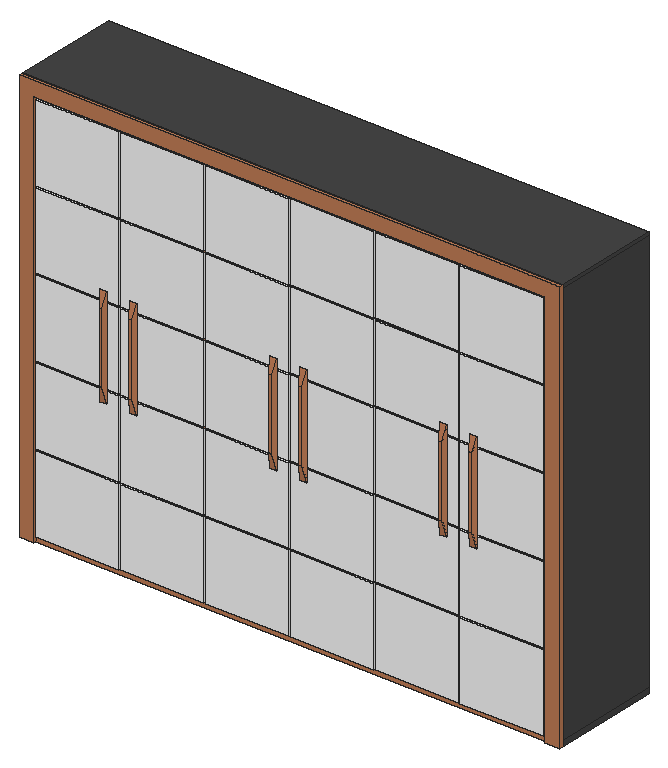
Revit family
Parameters (values of type "59A_안방_옷장")
  Manufacturer = "BF MART"
  Model = "Rapael"
  upper face material = 몸통
  side material = 몸통
  knob material = cherry length weak
  frame material = cherry length weak
  face material = white shine
  back face material = cherry length weak
  Width = 3000 mm
  Height = 2300 mm
  Depth = 620 mm
  Assembly Code = ""
Reference planes
  plane 1 "중심(앞/뒤)": y = 0
  plane 2: z = 0
  plane 3 "중심(왼쪽/오른쪽)": x = 0
  plane 4: y = 310
  plane 5: y = -310
  plane 6: x = -1500
  plane 7: x = 1500
  plane 8: z = 2300
  plane 9: x = -1420
  plane 10: x = 1420
  plane 11: z = 2220
  plane 12: z = 30
  plane 13: z = 2210
  plane 14: z = 25
  plane 15: x = -1410
  plane 16: x = 1410
  plane 17: x = -943.333
  plane 18: x = -471.667
  plane 19: x = 943.333
  plane 20: x = 471.667
  plane 21: x = -1415
  plane 22: x = 1415
  plane 23: x = -947.663
  plane 24: x = -939.003
  plane 25: x = -475.997
  plane 26: x = -467.337
  plane 27: x = -4.33
  plane 28: x = 4.33
  plane 29: x = 467.337
  plane 30: x = 475.997
  plane 31: x = 939.003
  plane 32: x = 947.663
  plane 33: z = 2215
  plane 34: z = 463
  plane 35: z = 901
  plane 36: z = 1339
  plane 37: z = 1777
  plane 38: y = 300
  plane 39: y = 292
  plane 40: y = -300
  plane 41: y = -290
  plane 42: z = 2280
  plane 43: x = -1480
  plane 44: x = 1480
  plane 45: z = 1782
  plane 46: z = 1772
  plane 47: z = 1344
  plane 48: z = 1334
  plane 49: z = 906
  plane 50: z = 896
  plane 51: z = 468
  plane 52: z = 458
  plane 53: y = -339.69
  plane 54: y = -320
Forms (mm)
  Extrusion 1, solid, material "cherry length weak" <- "frame material"
    sketch origin (0, 0, 0) x (1, 0, 0) y (0, 0, 1)
      loop
        line (-1500, 0) -> (-1420, 0) -> (-1420, 2220) -> (1420, 2220) -> (1420, 0) -> (1500, 0) -> (1500, 2300) -> (-1500, 2300) -> (-1500, 0)
    from 290 to 310
  Extrusion 2, solid, material "cherry length weak" <- "back face material"
    sketch origin (0, 0, 0) x (1, 0, 0) y (0, 0, 1)
      loop
        line (-1420, 2220) -> (-1420, 0) -> (1420, 0) -> (1420, 2220) -> (-1420, 2220)
    from 290 to 300
  Extrusion 3, solid, material "몸통" <- "upper face material"
    sketch origin (0, 0, 0) x (1, 0, 0) y (0, 1, 0)
      loop
        line (-1500, 310) -> (-1500, -290) -> (1500, -290) -> (1500, 310) -> (-1500, 310)
    from 0 to 30
  Extrusion 4, solid, material "몸통" <- "upper face material"
    sketch origin (0, 0, 2198) x (0, -1, 0) y (1, 0, 0)
      loop
        line (-310, -1500) -> (290, -1500) -> (290, 1500) -> (-310, 1500) -> (-310, -1500)
    from 82 to 102
  Extrusion 5, solid, material "몸통" <- "side material"
    sketch origin (0, 0, 0) x (1, 0, 0) y (0, 1, 0)
      loop
        line (-1500, 310) -> (-1500, -290) -> (-1480, -290) -> (-1480, 310) -> (-1500, 310)
      loop
        line (1500, 310) -> (1480, 310) -> (1480, -290) -> (1500, -290) -> (1500, 310)
    from 30 to 2280
  Extrusion 6, solid, material "cherry length weak" <- "back face material"
    sketch origin (0, 0, 0) x (1, 0, 0) y (0, 1, 0)
      loop
        line (-1480, 300) -> (-1480, 292) -> (1480, 292) -> (1480, 300) -> (-1480, 300)
    from 30 to 2280
  Extrusion 7, solid, material "white shine" <- "face material"
    sketch origin (0, 0, 0) x (1, 0, 0) y (0, 0, 1)
      loop
        line (-1410, 2210) -> (-1410, 1782) -> (-947.663, 1782) -> (-947.663, 2210) -> (-1410, 2210)
    from 300 to 310
  Extrusion 8, solid, material "white shine" <- "face material"
    sketch origin (0, 0, 2914) x (1, 0, 0) y (0, 0, 1)
      loop
        line (-1410, -1570) -> (-947.663, -1570) -> (-947.663, -1142) -> (-1410, -1142) -> (-1410, -1570)
    from 300 to 310
  Extrusion 9, solid, material "white shine" <- "face material"
    sketch origin (0, 0, -716) x (1, 0, 0) y (0, 0, 1)
      loop
        line (-1410, 2050) -> (-1410, 1622) -> (-947.663, 1622) -> (-947.663, 2050) -> (-1410, 2050)
    from 300 to 310
  Extrusion 10, solid, material "white shine" <- "face material"
    sketch origin (0, 0, 2198) x (1, 0, 0) y (0, 0, 1)
      loop
        line (-1410, -1730) -> (-947.663, -1730) -> (-947.663, -1302) -> (-1410, -1302) -> (-1410, -1730)
    from 300 to 310
  Extrusion 11, solid, material "white shine" <- "face material"
    sketch origin (0, 0, -1432) x (1, 0, 0) y (0, 0, 1)
      loop
        line (-1410, 1890) -> (-1410, 1462) -> (-947.663, 1462) -> (-947.663, 1890) -> (-1410, 1890)
    from 300 to 310
  Extrusion 12, solid, material "white shine" <- "face material"
    sketch origin (-2000, 0, 0) x (-1, 0, 0) y (0, 0, -1)
      loop
        line (-1524.003, -2210) -> (-1060.997, -2210) -> (-1060.997, -1782) -> (-1524.003, -1782) -> (-1524.003, -2210)
    from 300 to 310
  Extrusion 13, solid, material "white shine" <- "face material"
    sketch origin (-2000, 0, 2914) x (-1, 0, 0) y (0, 0, -1)
      loop
        line (-1524.003, 1570) -> (-1524.003, 1142) -> (-1060.997, 1142) -> (-1060.997, 1570) -> (-1524.003, 1570)
    from 300 to 310
  Extrusion 14, solid, material "white shine" <- "face material"
    sketch origin (-2000, 0, -716) x (-1, 0, 0) y (0, 0, -1)
      loop
        line (-1524.003, -2050) -> (-1060.997, -2050) -> (-1060.997, -1622) -> (-1524.003, -1622) -> (-1524.003, -2050)
    from 300 to 310
  Extrusion 15, solid, material "white shine" <- "face material"
    sketch origin (-2000, 0, 2198) x (-1, 0, 0) y (0, 0, -1)
      loop
        line (-1524.003, 1730) -> (-1524.003, 1302) -> (-1060.997, 1302) -> (-1060.997, 1730) -> (-1524.003, 1730)
    from 300 to 310
  Extrusion 16, solid, material "white shine" <- "face material"
    sketch origin (-2000, 0, -1432) x (-1, 0, 0) y (0, 0, -1)
      loop
        line (-1524.003, -1890) -> (-1060.997, -1890) -> (-1060.997, -1462) -> (-1524.003, -1462) -> (-1524.003, -1890)
    from 300 to 310
  Extrusion 17, solid, material "white shine" <- "face material"
    sketch origin (1000, 0, 0) x (1, 0, 0) y (0, 0, 1)
      loop
        line (-1467.337, 2210) -> (-1467.337, 1782) -> (-1004.33, 1782) -> (-1004.33, 2210) -> (-1467.337, 2210)
    from 300 to 310
  Extrusion 18, solid, material "white shine" <- "face material"
    sketch origin (1000, 0, 2914) x (1, 0, 0) y (0, 0, 1)
      loop
        line (-1467.337, -1570) -> (-1004.33, -1570) -> (-1004.33, -1142) -> (-1467.337, -1142) -> (-1467.337, -1570)
    from 300 to 310
  Extrusion 19, solid, material "white shine" <- "face material"
    sketch origin (1000, 0, -716) x (1, 0, 0) y (0, 0, 1)
      loop
        line (-1467.337, 2050) -> (-1467.337, 1622) -> (-1004.33, 1622) -> (-1004.33, 2050) -> (-1467.337, 2050)
    from 300 to 310
  Extrusion 20, solid, material "white shine" <- "face material"
    sketch origin (1000, 0, 2198) x (1, 0, 0) y (0, 0, 1)
      loop
        line (-1467.337, -1730) -> (-1004.33, -1730) -> (-1004.33, -1302) -> (-1467.337, -1302) -> (-1467.337, -1730)
    from 300 to 310
  Extrusion 21, solid, material "white shine" <- "face material"
    sketch origin (1000, 0, -1432) x (1, 0, 0) y (0, 0, 1)
      loop
        line (-1467.337, 1890) -> (-1467.337, 1462) -> (-1004.33, 1462) -> (-1004.33, 1890) -> (-1467.337, 1890)
    from 300 to 310
  Extrusion 22, solid, material "white shine" <- "face material"
    sketch origin (-1000, 0, 0) x (-1, 0, 0) y (0, 0, -1)
      loop
        line (-1467.337, -2210) -> (-1004.33, -2210) -> (-1004.33, -1782) -> (-1467.337, -1782) -> (-1467.337, -2210)
    from 300 to 310
  Extrusion 23, solid, material "white shine" <- "face material"
    sketch origin (-1000, 0, 2914) x (-1, 0, 0) y (0, 0, -1)
      loop
        line (-1467.337, 1570) -> (-1467.337, 1142) -> (-1004.33, 1142) -> (-1004.33, 1570) -> (-1467.337, 1570)
    from 300 to 310
  Extrusion 24, solid, material "white shine" <- "face material"
    sketch origin (-1000, 0, -716) x (-1, 0, 0) y (0, 0, -1)
      loop
        line (-1467.337, -2050) -> (-1004.33, -2050) -> (-1004.33, -1622) -> (-1467.337, -1622) -> (-1467.337, -2050)
    from 300 to 310
  Extrusion 25, solid, material "white shine" <- "face material"
    sketch origin (-1000, 0, 2198) x (-1, 0, 0) y (0, 0, -1)
      loop
        line (-1467.337, 1730) -> (-1467.337, 1302) -> (-1004.33, 1302) -> (-1004.33, 1730) -> (-1467.337, 1730)
    from 300 to 310
  Extrusion 26, solid, material "white shine" <- "face material"
    sketch origin (-1000, 0, -1432) x (-1, 0, 0) y (0, 0, -1)
      loop
        line (-1467.337, -1890) -> (-1004.33, -1890) -> (-1004.33, -1462) -> (-1467.337, -1462) -> (-1467.337, -1890)
    from 300 to 310
  Extrusion 27, solid, material "white shine" <- "face material"
    sketch origin (2000, 0, 0) x (1, 0, 0) y (0, 0, 1)
      loop
        line (-1524.003, 2210) -> (-1524.003, 1782) -> (-1060.997, 1782) -> (-1060.997, 2210) -> (-1524.003, 2210)
    from 300 to 310
  Extrusion 28, solid, material "white shine" <- "face material"
    sketch origin (2000, 0, 2914) x (1, 0, 0) y (0, 0, 1)
      loop
        line (-1524.003, -1570) -> (-1060.997, -1570) -> (-1060.997, -1142) -> (-1524.003, -1142) -> (-1524.003, -1570)
    from 300 to 310
  Extrusion 29, solid, material "white shine" <- "face material"
    sketch origin (2000, 0, -716) x (1, 0, 0) y (0, 0, 1)
      loop
        line (-1524.003, 2050) -> (-1524.003, 1622) -> (-1060.997, 1622) -> (-1060.997, 2050) -> (-1524.003, 2050)
    from 300 to 310
  Extrusion 30, solid, material "white shine" <- "face material"
    sketch origin (2000, 0, 2198) x (1, 0, 0) y (0, 0, 1)
      loop
        line (-1524.003, -1730) -> (-1060.997, -1730) -> (-1060.997, -1302) -> (-1524.003, -1302) -> (-1524.003, -1730)
    from 300 to 310
  Extrusion 31, solid, material "white shine" <- "face material"
    sketch origin (2000, 0, -1432) x (1, 0, 0) y (0, 0, 1)
      loop
        line (-1524.003, 1890) -> (-1524.003, 1462) -> (-1060.997, 1462) -> (-1060.997, 1890) -> (-1524.003, 1890)
    from 300 to 310
  Extrusion 32, solid, material "white shine" <- "face material"
    sketch origin (0, 0, 0) x (-1, 0, 0) y (0, 0, -1)
      loop
        line (-1410, -2210) -> (-947.663, -2210) -> (-947.663, -1782) -> (-1410, -1782) -> (-1410, -2210)
    from 300 to 310
  Extrusion 33, solid, material "white shine" <- "face material"
    sketch origin (0, 0, 2914) x (-1, 0, 0) y (0, 0, -1)
      loop
        line (-1410, 1570) -> (-1410, 1142) -> (-947.663, 1142) -> (-947.663, 1570) -> (-1410, 1570)
    from 300 to 310
  Extrusion 34, solid, material "white shine" <- "face material"
    sketch origin (0, 0, -716) x (-1, 0, 0) y (0, 0, -1)
      loop
        line (-1410, -2050) -> (-947.663, -2050) -> (-947.663, -1622) -> (-1410, -1622) -> (-1410, -2050)
    from 300 to 310
  Extrusion 35, solid, material "white shine" <- "face material"
    sketch origin (0, 0, 2198) x (-1, 0, 0) y (0, 0, -1)
      loop
        line (-1410, 1730) -> (-1410, 1302) -> (-947.663, 1302) -> (-947.663, 1730) -> (-1410, 1730)
    from 300 to 310
  Extrusion 36, solid, material "white shine" <- "face material"
    sketch origin (0, 0, -1432) x (-1, 0, 0) y (0, 0, -1)
      loop
        line (-1410, -1890) -> (-947.663, -1890) -> (-947.663, -1462) -> (-1410, -1462) -> (-1410, -1890)
    from 300 to 310
  Blend 37, solid, material "cherry length weak" <- "knob material"
    base sketch origin (0, 0, 0) x (1, 0, 0) y (0, 0, 1)
      loop
        line (-1046.735, 1397.645) -> (-1046.735, 837.645) -> (-1006.735, 837.645) -> (-1006.735, 1397.645) -> (-1046.735, 1397.645)
    top sketch origin (0, 0, 0) x (1, 0, 0) y (0, 0, 1)
      loop
        line (-1033.594, 1318.891) -> (-1033.594, 923.891) -> (-1018.594, 923.891) -> (-1018.594, 1318.891) -> (-1033.594, 1318.891)
    from 320 to 339.69
  Extrusion 38, solid, material "cherry length weak" <- "knob material"
    sketch origin (0, 0, 0) x (1, 0, 0) y (0, 0, 1)
      loop
        line (-1033.594, 1318.891) -> (-1033.594, 923.891) -> (-1018.594, 923.891) -> (-1018.594, 1318.891) -> (-1033.594, 1318.891)
    from 310 to 320
  Blend 39, solid, material "cherry length weak" <- "knob material"
    base sketch origin (-2000, 0, 0) x (-1, 0, 0) y (0, 0, -1)
      loop
        line (-1160.069, -1397.645) -> (-1120.069, -1397.645) -> (-1120.069, -837.645) -> (-1160.069, -837.645) -> (-1160.069, -1397.645)
    top sketch origin (-2000, 0, 0) x (-1, 0, 0) y (0, 0, -1)
      loop
        line (-1146.927, -1318.891) -> (-1131.927, -1318.891) -> (-1131.927, -923.891) -> (-1146.927, -923.891) -> (-1146.927, -1318.891)
    from 320 to 339.69
  Extrusion 40, solid, material "cherry length weak" <- "knob material"
    sketch origin (-2000, 0, 0) x (-1, 0, 0) y (0, 0, -1)
      loop
        line (-1146.927, -1318.891) -> (-1131.927, -1318.891) -> (-1131.927, -923.891) -> (-1146.927, -923.891) -> (-1146.927, -1318.891)
    from 310 to 320
  Blend 41, solid, material "cherry length weak" <- "knob material"
    base sketch origin (-1000, 0, 0) x (-1, 0, 0) y (0, 0, -1)
      loop
        line (-1103.402, -1397.645) -> (-1063.402, -1397.645) -> (-1063.402, -837.645) -> (-1103.402, -837.645) -> (-1103.402, -1397.645)
    top sketch origin (-1000, 0, 0) x (-1, 0, 0) y (0, 0, -1)
      loop
        line (-1090.26, -1318.891) -> (-1075.26, -1318.891) -> (-1075.26, -923.891) -> (-1090.26, -923.891) -> (-1090.26, -1318.891)
    from 320 to 339.69
  Extrusion 42, solid, material "cherry length weak" <- "knob material"
    sketch origin (-1000, 0, 0) x (-1, 0, 0) y (0, 0, -1)
      loop
        line (-1090.26, -1318.891) -> (-1075.26, -1318.891) -> (-1075.26, -923.891) -> (-1090.26, -923.891) -> (-1090.26, -1318.891)
    from 310 to 320
  Blend 43, solid, material "cherry length weak" <- "knob material"
    base sketch origin (1000, 0, 0) x (1, 0, 0) y (0, 0, 1)
      loop
        line (-1103.402, 1397.645) -> (-1103.402, 837.645) -> (-1063.402, 837.645) -> (-1063.402, 1397.645) -> (-1103.402, 1397.645)
    top sketch origin (1000, 0, 0) x (1, 0, 0) y (0, 0, 1)
      loop
        line (-1090.26, 1318.891) -> (-1090.26, 923.891) -> (-1075.26, 923.891) -> (-1075.26, 1318.891) -> (-1090.26, 1318.891)
    from 320 to 339.69
  Extrusion 44, solid, material "cherry length weak" <- "knob material"
    sketch origin (1000, 0, 0) x (1, 0, 0) y (0, 0, 1)
      loop
        line (-1090.26, 1318.891) -> (-1090.26, 923.891) -> (-1075.26, 923.891) -> (-1075.26, 1318.891) -> (-1090.26, 1318.891)
    from 310 to 320
  Blend 45, solid, material "cherry length weak" <- "knob material"
    base sketch origin (2000, 0, 0) x (1, 0, 0) y (0, 0, 1)
      loop
        line (-1160.069, 1397.645) -> (-1160.069, 837.645) -> (-1120.069, 837.645) -> (-1120.069, 1397.645) -> (-1160.069, 1397.645)
    top sketch origin (2000, 0, 0) x (1, 0, 0) y (0, 0, 1)
      loop
        line (-1146.927, 1318.891) -> (-1146.927, 923.891) -> (-1131.927, 923.891) -> (-1131.927, 1318.891) -> (-1146.927, 1318.891)
    from 320 to 339.69
  Extrusion 46, solid, material "cherry length weak" <- "knob material"
    sketch origin (2000, 0, 0) x (1, 0, 0) y (0, 0, 1)
      loop
        line (-1146.927, 1318.891) -> (-1146.927, 923.891) -> (-1131.927, 923.891) -> (-1131.927, 1318.891) -> (-1146.927, 1318.891)
    from 310 to 320
  Blend 47, solid, material "cherry length weak" <- "knob material"
    base sketch origin (0, 0, 0) x (-1, 0, 0) y (0, 0, -1)
      loop
        line (-1046.735, -1397.645) -> (-1006.735, -1397.645) -> (-1006.735, -837.645) -> (-1046.735, -837.645) -> (-1046.735, -1397.645)
    top sketch origin (0, 0, 0) x (-1, 0, 0) y (0, 0, -1)
      loop
        line (-1033.594, -1318.891) -> (-1018.594, -1318.891) -> (-1018.594, -923.891) -> (-1033.594, -923.891) -> (-1033.594, -1318.891)
    from 320 to 339.69
  Extrusion 48, solid, material "cherry length weak" <- "knob material"
    sketch origin (0, 0, 0) x (-1, 0, 0) y (0, 0, -1)
      loop
        line (-1033.594, -1318.891) -> (-1018.594, -1318.891) -> (-1018.594, -923.891) -> (-1033.594, -923.891) -> (-1033.594, -1318.891)
    from 310 to 320
Lines and regions (mm)
  Masking region 1
    outline origin (0, 0, 0) x (1, 0, 0) y (0, 1, 0)
      loop
        line (-1500, 310) -> (-1500, -310) -> (1500, -310) -> (1500, 310) -> (-1500, 310)
  symbolic lines, detail levels coarse+medium
    curve 1: line (-1500, 310, 0) -> (1500, 310, 0)
    curve 2: line (-1500, -310, 0) -> (-1500, 310, 0)
    curve 3: line (1500, -310, 0) -> (-1500, -310, 0)
    curve 4: line (1500, 310, 0) -> (1500, -310, 0)
    curve 5: line (-1500, -290, 0) -> (1500, -290, 0)
  symbolic lines, detail levels fine
    curve 6: line (1500, 310, 0) -> (-1500, 310, 0)
    curve 11: line (-1500, -310, 0) -> (1500, -310, 0)
    curve 12: line (1046.735, -320, 0) -> (1006.735, -320, 0)
    curve 13: line (1018.594, -339.69, 0) -> (1033.594, -339.69, 0)
    curve 14: line (879.931, -320, 0) -> (839.931, -320, 0)
    curve 15: line (853.073, -339.69, 0) -> (868.073, -339.69, 0)
    curve 16: line (103.402, -320, 0) -> (63.402, -320, 0)
    curve 17: line (75.26, -339.69, 0) -> (90.26, -339.69, 0)
    curve 18: line (-63.402, -320, 0) -> (-103.402, -320, 0)
    curve 19: line (-90.26, -339.69, 0) -> (-75.26, -339.69, 0)
    curve 20: line (-839.931, -320, 0) -> (-879.931, -320, 0)
    curve 21: line (-868.073, -339.69, 0) -> (-853.073, -339.69, 0)
    curve 22: line (-1006.735, -320, 0) -> (-1046.735, -320, 0)
    curve 23: line (-1033.594, -339.69, 0) -> (-1018.594, -339.69, 0)
    curve 24: line (1500, -310, 0) -> (1500, 310, 0)
    curve 28: line (1033.594, -320, 0) -> (1033.594, -310, 0)
    curve 29: line (1018.594, -310, 0) -> (1018.594, -320, 0)
    curve 30: line (1033.594, -339.69, 0) -> (1046.735, -320, 0)
    curve 31: line (1006.735, -320, 0) -> (1018.594, -339.69, 0)
    curve 34: line (868.073, -339.69, 0) -> (879.931, -320, 0)
    curve 35: line (839.931, -320, 0) -> (853.073, -339.69, 0)
    curve 36: line (868.073, -320, 0) -> (868.073, -310, 0)
    curve 37: line (853.073, -310, 0) -> (853.073, -320, 0)
    curve 40: line (90.26, -320, 0) -> (90.26, -310, 0)
    curve 41: line (75.26, -310, 0) -> (75.26, -320, 0)
    curve 42: line (90.26, -339.69, 0) -> (103.402, -320, 0)
    curve 43: line (63.402, -320, 0) -> (75.26, -339.69, 0)
    curve 46: line (-75.26, -320, 0) -> (-75.26, -310, 0)
    curve 47: line (-90.26, -310, 0) -> (-90.26, -320, 0)
    curve 48: line (-75.26, -339.69, 0) -> (-63.402, -320, 0)
    curve 49: line (-103.402, -320, 0) -> (-90.26, -339.69, 0)
    curve 50: line (-467.337, -300, 0) -> (-467.337, -310, 0)
    curve 51: line (-475.997, -310, 0) -> (-475.997, -300, 0)
    curve 52: line (-853.073, -320, 0) -> (-853.073, -310, 0)
    curve 53: line (-868.073, -310, 0) -> (-868.073, -320, 0)
    curve 54: line (-853.073, -339.69, 0) -> (-839.931, -320, 0)
    curve 55: line (-879.931, -320, 0) -> (-868.073, -339.69, 0)
    curve 58: line (-1018.594, -339.69, 0) -> (-1006.735, -320, 0)
    curve 59: line (-1018.594, -320, 0) -> (-1018.594, -310, 0)
    curve 60: line (-1033.594, -310, 0) -> (-1033.594, -320, 0)
    curve 61: line (-1046.735, -320, 0) -> (-1033.594, -339.69, 0)
    curve 65: line (-1500, 310, 0) -> (-1500, -310, 0)
  symbolic lines
    curve 7: line (1480, 300, 0) -> (-1480, 300, 0)
    curve 8: line (-1480, 292, 0) -> (1480, 292, 0)
    curve 9: line (-1500, -290, 0) -> (1500, -290, 0)
    curve 10: line (-1420, -300, 0) -> (1420, -300, 0)
    curve 25: line (1480, 310, 0) -> (1480, -290, 0)
    curve 26: line (1420, -310, 0) -> (1420, -290, 0)
    curve 27: line (1410, -310, 0) -> (1410, -300, 0)
    curve 32: line (947.663, -300, 0) -> (947.663, -310, 0)
    curve 33: line (939.003, -310, 0) -> (939.003, -300, 0)
    curve 38: line (475.997, -300, 0) -> (475.997, -310, 0)
    curve 39: line (467.337, -310, 0) -> (467.337, -300, 0)
    curve 44: line (4.33, -300, 0) -> (4.33, -310, 0)
    curve 45: line (-4.33, -310, 0) -> (-4.33, -300, 0)
    curve 56: line (-939.003, -300, 0) -> (-939.003, -310, 0)
    curve 57: line (-947.663, -310, 0) -> (-947.663, -300, 0)
    curve 62: line (-1410, -300, 0) -> (-1410, -310, 0)
    curve 63: line (-1420, -290, 0) -> (-1420, -310, 0)
    curve 64: line (-1480, -290, 0) -> (-1480, 310, 0)
Dimensions and locks
  "Depth": plane 5 to plane 4
  equal spacing: plane 21, plane 17, plane 18, plane 3 "중심(왼쪽/오른쪽)", plane 20, plane 19, plane 22
  "Width": plane 6 to plane 7
  "Height": plane 8 to level
  equal spacing: plane 33, plane 37, plane 36, plane 35, plane 34, plane 14
  locked: plane 38 to plane 4 at 10
  locked: plane 39 to plane 38 at 8
  locked: plane 40 to plane 41 at 10
  locked: plane 5 to plane 40 at 10
  locked: plane 6 to plane 43 at 20
  locked: plane 43 to plane 9 at 60
  locked: plane 9 to plane 21 at 5
  locked: plane 21 to plane 15 at 5
  locked: plane 16 to plane 22 at 5
  locked: plane 22 to plane 10 at 5
  locked: plane 10 to plane 44 at 60
  locked: plane 44 to plane 7 at 20
  locked: plane 8 to plane 42 at 20
  locked: plane 42 to plane 11 at 60
  locked: plane 11 to plane 33 at 5
  locked: plane 33 to plane 13 at 5
  locked: plane 12 to plane 14 at 5
  locked: plane 14 to level at 25
  locked: plane 23 to plane 17 at 4.33
  locked: plane 17 to plane 24 at 4.33
  locked: plane 25 to plane 18 at 4.33
  locked: plane 18 to plane 26 at 4.33
  locked: plane 27 to plane 3 "중심(왼쪽/오른쪽)" at 4.33
  locked: plane 28 to plane 3 "중심(왼쪽/오른쪽)" at 4.33
  locked: plane 29 to plane 20 at 4.33
  locked: plane 20 to plane 30 at 4.33
  locked: plane 31 to plane 19 at 4.33
  locked: plane 19 to plane 32 at 4.33
  locked: plane 45 to plane 37 at 5
  locked: plane 37 to plane 46 at 5
  locked: plane 47 to plane 36 at 5
  locked: plane 36 to plane 48 at 5
  locked: plane 49 to plane 35 at 5
  locked: plane 35 to plane 50 at 5
  locked: plane 51 to plane 34 at 5
  locked: plane 34 to plane 52 at 5
  locked: plane 54 to plane 5 at 10
  locked: plane 53 to plane 54 at 19.69
  aligned and locked: plane 4 to Extrusion 4
  aligned and locked: plane 4 to Extrusion 5  (x2)
  aligned and locked: plane 38 to Extrusion 6
  aligned and locked: plane 39 to Extrusion 6
  aligned and locked: plane 41 to Extrusion 4
  aligned and locked: plane 41 to Extrusion 5  (x2)
  aligned and locked: plane 5 to Extrusion 1
  aligned and locked: plane 16 to Extrusion 32
  aligned and locked: Extrusion 32 to Extrusion 33
  aligned and locked: plane 32 to Extrusion 32
  aligned and locked: plane 31 to Extrusion 27
  aligned and locked: plane 30 to Extrusion 27
  aligned and locked: plane 29 to Extrusion 22
  aligned and locked: plane 28 to Extrusion 22
  aligned and locked: plane 27 to Extrusion 17
  aligned and locked: plane 26 to Extrusion 17
  aligned and locked: plane 25 to Extrusion 12
  aligned and locked: plane 24 to Extrusion 12
  aligned and locked: plane 23 to Extrusion 7
  aligned and locked: plane 15 to Extrusion 7
  aligned and locked: plane 43 to Extrusion 5
  aligned and locked: plane 6 to Extrusion 4
  aligned and locked: plane 6 to Extrusion 1
  aligned and locked: plane 7 to Extrusion 4
  aligned and locked: plane 7 to Extrusion 1
  aligned and locked: plane 44 to Extrusion 5
  aligned and locked: Extrusion 1 to Extrusion 4
  aligned and locked: plane 11 to Extrusion 1
  aligned and locked: plane 9 to Extrusion 1
  aligned and locked: plane 10 to Extrusion 1
  aligned and locked: plane 7 to Extrusion 3
  aligned and locked: plane 6 to Extrusion 3
  aligned and locked: level to Extrusion 1  (x2)
  aligned and locked: Extrusion 7 to plane 13
  aligned and locked: Extrusion 12 to plane 13
  aligned and locked: plane 13 to Extrusion 17
  aligned and locked: plane 13 to Extrusion 22
  aligned and locked: plane 13 to Extrusion 27
  aligned and locked: plane 13 to Extrusion 32
  aligned and locked: plane 45 to Extrusion 32
  aligned and locked: plane 45 to Extrusion 27
  aligned and locked: plane 45 to Extrusion 22
  aligned and locked: plane 45 to Extrusion 17
  aligned and locked: plane 45 to Extrusion 12
  aligned and locked: plane 45 to Extrusion 7
  aligned and locked: plane 46 to Extrusion 8
  aligned and locked: plane 46 to Extrusion 13
  aligned and locked: plane 46 to Extrusion 18
  aligned and locked: plane 46 to Extrusion 23
  aligned and locked: plane 46 to Extrusion 28
  aligned and locked: plane 46 to Extrusion 33
  aligned and locked: plane 47 to Extrusion 33
  aligned and locked: plane 47 to Extrusion 28
  aligned and locked: plane 47 to Extrusion 23
  aligned and locked: plane 47 to Extrusion 18
  aligned and locked: plane 47 to Extrusion 13
  aligned and locked: plane 47 to Extrusion 8
  aligned and locked: plane 48 to Extrusion 9
  aligned and locked: plane 48 to Extrusion 14
  aligned and locked: plane 48 to Extrusion 19
  aligned and locked: plane 48 to Extrusion 24
  aligned and locked: plane 48 to Extrusion 29
  aligned and locked: plane 48 to Extrusion 34
  aligned and locked: plane 49 to Extrusion 34
  aligned and locked: plane 49 to Extrusion 29
  aligned and locked: plane 49 to Extrusion 24
  aligned and locked: plane 49 to Extrusion 19
  aligned and locked: plane 49 to Extrusion 14
  aligned and locked: plane 49 to Extrusion 9
  aligned and locked: plane 50 to Extrusion 10
  aligned and locked: plane 50 to Extrusion 15
  aligned and locked: plane 50 to Extrusion 20
  aligned and locked: plane 50 to Extrusion 25
  aligned and locked: plane 50 to Extrusion 30
  aligned and locked: plane 50 to Extrusion 35
  aligned and locked: plane 51 to Extrusion 35
  aligned and locked: plane 51 to Extrusion 30
  aligned and locked: plane 51 to Extrusion 25
  aligned and locked: plane 51 to Extrusion 20
  aligned and locked: plane 51 to Extrusion 15
  aligned and locked: plane 51 to Extrusion 10
  aligned and locked: plane 52 to Extrusion 11
  aligned and locked: plane 52 to Extrusion 16
  aligned and locked: plane 52 to Extrusion 21
  aligned and locked: plane 52 to Extrusion 26
  aligned and locked: plane 52 to Extrusion 31
  aligned and locked: plane 52 to Extrusion 36
  aligned and locked: Extrusion 3 to Extrusion 36
  aligned and locked: Extrusion 3 to Extrusion 31
  aligned and locked: Extrusion 3 to Extrusion 26
  aligned and locked: Extrusion 3 to Extrusion 21
  aligned and locked: Extrusion 3 to Extrusion 16
  aligned and locked: Extrusion 3 to Extrusion 11
  aligned and locked: Extrusion 2 to Extrusion 1  (x9)
  aligned and locked: plane 15 to Extrusion 8
  aligned and locked: plane 15 to Extrusion 9
  aligned and locked: plane 15 to Extrusion 10
  aligned and locked: plane 15 to Extrusion 11
  aligned and locked: plane 23 to Extrusion 8
  aligned and locked: plane 23 to Extrusion 9
  aligned and locked: plane 23 to Extrusion 10
  aligned and locked: plane 23 to Extrusion 11
  aligned and locked: plane 24 to Extrusion 16
  aligned and locked: plane 24 to Extrusion 15
  aligned and locked: plane 24 to Extrusion 14
  aligned and locked: plane 24 to Extrusion 13
  aligned and locked: plane 25 to Extrusion 13
  aligned and locked: plane 25 to Extrusion 14
  aligned and locked: plane 25 to Extrusion 15
  aligned and locked: plane 25 to Extrusion 16
  aligned and locked: plane 26 to Extrusion 21
  aligned and locked: plane 27 to Extrusion 18
  aligned and locked: plane 27 to Extrusion 19
  aligned and locked: plane 27 to Extrusion 20
  aligned and locked: plane 27 to Extrusion 21
  aligned and locked: plane 28 to Extrusion 26
  aligned and locked: plane 28 to Extrusion 25
  aligned and locked: plane 28 to Extrusion 24
  aligned and locked: plane 28 to Extrusion 23
  aligned and locked: plane 29 to Extrusion 23
  aligned and locked: plane 29 to Extrusion 24
  aligned and locked: plane 29 to Extrusion 25
  aligned and locked: plane 29 to Extrusion 26
  aligned and locked: plane 30 to Extrusion 31
  aligned and locked: plane 30 to Extrusion 30
  aligned and locked: plane 30 to Extrusion 29
  aligned and locked: plane 30 to Extrusion 28
  aligned and locked: plane 31 to Extrusion 28
  aligned and locked: plane 31 to Extrusion 29
  aligned and locked: plane 31 to Extrusion 30
  aligned and locked: plane 32 to Extrusion 36
  aligned and locked: plane 31 to Extrusion 31
  aligned and locked: plane 32 to Extrusion 35
  aligned and locked: plane 32 to Extrusion 34
  aligned and locked: plane 32 to Extrusion 33
  aligned and locked: plane 16 to Extrusion 33
  aligned and locked: plane 16 to Extrusion 34
  aligned and locked: plane 16 to Extrusion 35
  aligned and locked: plane 16 to Extrusion 36
  aligned and locked: Extrusion 4 to plane 8
  aligned and locked: Extrusion 5 to plane 42
  aligned and locked: plane 42 to Extrusion 4
  aligned and locked: Extrusion 6 to plane 42
  aligned and locked: plane 5 to Extrusion 7
  aligned and locked: plane 5 to Extrusion 8
  aligned and locked: plane 5 to Extrusion 9
  aligned and locked: plane 5 to Extrusion 10
  aligned and locked: plane 5 to Extrusion 11
  aligned and locked: plane 40 to Extrusion 2
  aligned and locked: Extrusion 7 to plane 40
  aligned and locked: Extrusion 8 to plane 40
  aligned and locked: Extrusion 9 to plane 40
  aligned and locked: Extrusion 10 to plane 40
  aligned and locked: Extrusion 11 to plane 40
  aligned and locked: Extrusion 2 to plane 41
  aligned and locked: plane 5 to Extrusion 12
  aligned and locked: plane 5 to Extrusion 13
  aligned and locked: plane 5 to Extrusion 14
  aligned and locked: plane 5 to Extrusion 15
  aligned and locked: plane 5 to Extrusion 16
  aligned and locked: Extrusion 12 to plane 40
  aligned and locked: Extrusion 13 to plane 40
  aligned and locked: Extrusion 14 to plane 40
  aligned and locked: Extrusion 15 to plane 40
  aligned and locked: Extrusion 16 to plane 40
  aligned and locked: plane 5 to Extrusion 17
  aligned and locked: plane 5 to Extrusion 18
  aligned and locked: plane 5 to Extrusion 19
  aligned and locked: plane 5 to Extrusion 20
  aligned and locked: plane 5 to Extrusion 21
  aligned and locked: Extrusion 17 to plane 40
  aligned and locked: Extrusion 18 to plane 40
  aligned and locked: Extrusion 19 to plane 40
  aligned and locked: Extrusion 20 to plane 40
  aligned and locked: Extrusion 21 to plane 40
  aligned and locked: plane 5 to Extrusion 22
  aligned and locked: plane 5 to Extrusion 23
  aligned and locked: plane 5 to Extrusion 24
  aligned and locked: plane 5 to Extrusion 25
  aligned and locked: plane 5 to Extrusion 26
  aligned and locked: Extrusion 22 to plane 40
  aligned and locked: Extrusion 23 to plane 40
  aligned and locked: Extrusion 24 to plane 40
  aligned and locked: Extrusion 25 to plane 40
  aligned and locked: Extrusion 26 to plane 40
  aligned and locked: plane 5 to Extrusion 27
  aligned and locked: plane 5 to Extrusion 28
  aligned and locked: plane 5 to Extrusion 29
  aligned and locked: plane 5 to Extrusion 30
  aligned and locked: plane 5 to Extrusion 31
  aligned and locked: Extrusion 27 to plane 40
  aligned and locked: Extrusion 28 to plane 40
  aligned and locked: Extrusion 29 to plane 40
  aligned and locked: Extrusion 30 to plane 40
  aligned and locked: Extrusion 31 to plane 40
  aligned and locked: plane 5 to Extrusion 32
  aligned and locked: plane 5 to Extrusion 33
  aligned and locked: plane 5 to Extrusion 34
  aligned and locked: plane 5 to Extrusion 35
  aligned and locked: plane 5 to Extrusion 36
  aligned and locked: Extrusion 32 to plane 40
  aligned and locked: Extrusion 33 to plane 40
  aligned and locked: Extrusion 34 to plane 40
  aligned and locked: Extrusion 35 to plane 40
  aligned and locked: Extrusion 36 to plane 40
  aligned and locked: Extrusion 38 to Blend 37
  aligned and locked: Extrusion 38 to plane 5
  aligned and locked: plane 54 to Blend 37
  aligned and locked: plane 53 to Blend 37
  aligned and locked: Blend 39 to Extrusion 40
  aligned and locked: plane 5 to Extrusion 40
  aligned and locked: plane 54 to Blend 39
  aligned and locked: plane 54 to Extrusion 40
  aligned and locked: plane 53 to Blend 39
  aligned and locked: Blend 41 to Extrusion 42
  aligned and locked: Extrusion 44 to Blend 43
  aligned and locked: plane 5 to Extrusion 44
  aligned and locked: plane 54 to Blend 43
  aligned and locked: plane 54 to Extrusion 44
  aligned and locked: plane 53 to Blend 43
  aligned and locked: plane 5 to Extrusion 42
  aligned and locked: plane 54 to Blend 41
  aligned and locked: plane 54 to Extrusion 42
  aligned and locked: plane 53 to Blend 41
  aligned and locked: Extrusion 46 to Blend 45
  aligned and locked: Blend 47 to Extrusion 48
  aligned and locked: plane 5 to Extrusion 46
  aligned and locked: plane 54 to Blend 45
  aligned and locked: plane 54 to Extrusion 46
  aligned and locked: plane 53 to Blend 45
  aligned and locked: plane 5 to Extrusion 48
  aligned and locked: plane 54 to Blend 47
  aligned and locked: plane 54 to Extrusion 48
  aligned and locked: plane 53 to Blend 47
  aligned and locked: curve 1 to Extrusion 3  (x2)
  aligned and locked: curve 4 to Extrusion 1  (x2)
  aligned and locked: curve 2 to curve 5
  aligned and locked: curve 5 to Extrusion 1
  aligned and locked: curve 6 to Extrusion 4
  aligned and locked: curve 7 to Extrusion 6
  aligned and locked: curve 8 to Extrusion 6
  aligned and locked: curve 9 to Extrusion 4
  aligned and locked: curve 10 to Extrusion 2
  aligned and locked: curve 11 to Extrusion 1
  aligned and locked: curve 12 to Blend 47
  aligned and locked: curve 13 to Blend 47
  aligned and locked: curve 14 to Blend 45
  aligned and locked: curve 15 to Blend 45
  aligned and locked: curve 16 to Blend 41
  aligned and locked: curve 17 to Blend 41
  aligned and locked: curve 18 to Blend 43
  aligned and locked: curve 19 to Blend 43
  aligned and locked: curve 20 to Blend 39
  aligned and locked: curve 21 to Blend 39
  aligned and locked: curve 22 to Blend 37
  aligned and locked: curve 23 to Blend 37
  aligned and locked: curve 24 to Extrusion 4
  aligned and locked: curve 25 to Extrusion 5
  aligned and locked: curve 26 to Extrusion 2
  aligned and locked: curve 27 to Extrusion 32
  aligned and locked: curve 28 to Extrusion 48
  aligned and locked: curve 29 to Extrusion 48
  aligned and locked: curve 30 to Blend 47
  aligned and locked: curve 31 to Blend 47
  aligned and locked: curve 32 to Extrusion 32
  aligned and locked: curve 33 to Extrusion 27
  aligned and locked: curve 34 to Blend 45
  aligned and locked: curve 35 to Blend 45
  aligned and locked: curve 36 to Extrusion 46
  aligned and locked: curve 37 to Extrusion 46
  aligned and locked: curve 38 to Extrusion 27
  aligned and locked: curve 39 to Extrusion 22
  aligned and locked: curve 40 to Extrusion 42
  aligned and locked: curve 41 to Extrusion 42
  aligned and locked: curve 42 to Blend 41
  aligned and locked: curve 43 to Blend 41
  aligned and locked: curve 44 to Extrusion 22
  aligned and locked: curve 45 to Extrusion 17
  aligned and locked: curve 46 to Extrusion 44
  aligned and locked: curve 47 to Extrusion 44
  aligned and locked: curve 48 to Blend 43
  aligned and locked: curve 49 to Blend 43
  aligned and locked: curve 50 to Extrusion 17
  aligned and locked: curve 51 to Extrusion 12
  aligned and locked: curve 52 to Extrusion 40
  aligned and locked: curve 53 to Extrusion 40
  aligned and locked: curve 54 to Blend 39
  aligned and locked: curve 55 to Blend 39
  aligned and locked: curve 56 to Extrusion 12
  aligned and locked: curve 57 to Extrusion 7
  aligned and locked: curve 58 to Blend 37
  aligned and locked: curve 59 to Extrusion 38
  aligned and locked: curve 60 to Extrusion 38
  aligned and locked: curve 61 to Blend 37
  aligned and locked: curve 62 to Extrusion 7
  aligned and locked: curve 63 to Extrusion 2
  aligned and locked: curve 64 to Extrusion 5
Automatic sketch dimensions
  Extrusion 1 sketch curve to level = 0 mm  (x2)
  Extrusion 1 sketch curve to plane 6 = 0 mm
  Extrusion 1 sketch curve to plane 9 = 0 mm
  Extrusion 1 sketch curve to plane 10 = 0 mm
  Extrusion 1 sketch curve to plane 7 = 0 mm
  Extrusion 1 sketch curve to plane 11 = 0 mm
  Extrusion 1 sketch curve to plane 8 = 0 mm
  Extrusion 2 sketch curve to level = 0 mm
  Extrusion 2 sketch curve to plane 9 = 0 mm
  Extrusion 2 sketch curve to plane 10 = 0 mm
  Extrusion 2 sketch curve to plane 11 = 0 mm
  Extrusion 3 sketch curve to plane 6 = 0 mm
  Extrusion 3 sketch curve to plane 7 = 0 mm
  Extrusion 3 sketch curve to plane 41 = 0 mm
  Extrusion 3 sketch curve to plane 4 = 0 mm
  Extrusion 4 sketch curve to plane 4 = 0 mm
  Extrusion 4 sketch curve to plane 6 = 0 mm
  Extrusion 4 sketch curve to plane 41 = 0 mm
  Extrusion 4 sketch curve to plane 7 = 0 mm
  Extrusion 5 sketch curve to plane 6 = 0 mm
  Extrusion 5 sketch curve to plane 41 = 0 mm  (x2)
  Extrusion 5 sketch curve to plane 43 = 0 mm
  Extrusion 5 sketch curve to plane 44 = 0 mm
  Extrusion 5 sketch curve to plane 7 = 0 mm
  Extrusion 5 sketch curve to plane 4 = 0 mm  (x2)
  Extrusion 6 sketch curve to plane 39 = 0 mm
  Extrusion 6 sketch curve to plane 43 = 0 mm
  Extrusion 6 sketch curve to plane 44 = 0 mm
  Extrusion 6 sketch curve to plane 38 = 0 mm
  Extrusion 7 sketch curve to plane 15 = 0 mm
  Extrusion 7 sketch curve to plane 23 = 0 mm
  Extrusion 7 sketch curve to plane 45 = 0 mm
  Extrusion 7 sketch curve to plane 13 = 0 mm
  Extrusion 8 sketch curve to plane 15 = 0 mm
  Extrusion 8 sketch curve to plane 23 = 0 mm
  Extrusion 8 sketch curve to plane 47 = 0 mm
  Extrusion 8 sketch curve to plane 46 = 0 mm
  Extrusion 9 sketch curve to plane 15 = 0 mm
  Extrusion 9 sketch curve to plane 23 = 0 mm
  Extrusion 9 sketch curve to plane 49 = 0 mm
  Extrusion 9 sketch curve to plane 48 = 0 mm
  Extrusion 10 sketch curve to plane 15 = 0 mm
  Extrusion 10 sketch curve to plane 23 = 0 mm
  Extrusion 10 sketch curve to plane 51 = 0 mm
  Extrusion 10 sketch curve to plane 50 = 0 mm
  Extrusion 11 sketch curve to plane 12 = 0 mm
  Extrusion 11 sketch curve to plane 15 = 0 mm
  Extrusion 11 sketch curve to plane 23 = 0 mm
  Extrusion 11 sketch curve to plane 52 = 0 mm
  Extrusion 12 sketch curve to plane 25 = 0 mm
  Extrusion 12 sketch curve to plane 24 = 0 mm
  Extrusion 12 sketch curve to plane 13 = 0 mm
  Extrusion 12 sketch curve to plane 45 = 0 mm
  Extrusion 13 sketch curve to plane 25 = 0 mm
  Extrusion 13 sketch curve to plane 24 = 0 mm
  Extrusion 13 sketch curve to plane 46 = 0 mm
  Extrusion 13 sketch curve to plane 47 = 0 mm
  Extrusion 14 sketch curve to plane 25 = 0 mm
  Extrusion 14 sketch curve to plane 24 = 0 mm
  Extrusion 14 sketch curve to plane 48 = 0 mm
  Extrusion 14 sketch curve to plane 49 = 0 mm
  Extrusion 15 sketch curve to plane 25 = 0 mm
  Extrusion 15 sketch curve to plane 24 = 0 mm
  Extrusion 15 sketch curve to plane 50 = 0 mm
  Extrusion 15 sketch curve to plane 51 = 0 mm
  Extrusion 16 sketch curve to plane 12 = 0 mm
  Extrusion 16 sketch curve to plane 25 = 0 mm
  Extrusion 16 sketch curve to plane 24 = 0 mm
  Extrusion 16 sketch curve to plane 52 = 0 mm
  Extrusion 17 sketch curve to plane 26 = 0 mm
  Extrusion 17 sketch curve to plane 27 = 0 mm
  Extrusion 17 sketch curve to plane 45 = 0 mm
  Extrusion 17 sketch curve to plane 13 = 0 mm
  Extrusion 18 sketch curve to plane 26 = 0 mm
  Extrusion 18 sketch curve to plane 27 = 0 mm
  Extrusion 18 sketch curve to plane 47 = 0 mm
  Extrusion 18 sketch curve to plane 46 = 0 mm
  Extrusion 19 sketch curve to plane 26 = 0 mm
  Extrusion 19 sketch curve to plane 27 = 0 mm
  Extrusion 19 sketch curve to plane 49 = 0 mm
  Extrusion 19 sketch curve to plane 48 = 0 mm
  Extrusion 20 sketch curve to plane 26 = 0 mm
  Extrusion 20 sketch curve to plane 27 = 0 mm
  Extrusion 20 sketch curve to plane 51 = 0 mm
  Extrusion 20 sketch curve to plane 50 = 0 mm
  Extrusion 21 sketch curve to plane 12 = 0 mm
  Extrusion 21 sketch curve to plane 26 = 0 mm
  Extrusion 21 sketch curve to plane 27 = 0 mm
  Extrusion 21 sketch curve to plane 52 = 0 mm
  Extrusion 22 sketch curve to plane 29 = 0 mm
  Extrusion 22 sketch curve to plane 28 = 0 mm
  Extrusion 22 sketch curve to plane 13 = 0 mm
  Extrusion 22 sketch curve to plane 45 = 0 mm
  Extrusion 23 sketch curve to plane 29 = 0 mm
  Extrusion 23 sketch curve to plane 28 = 0 mm
  Extrusion 23 sketch curve to plane 46 = 0 mm
  Extrusion 23 sketch curve to plane 47 = 0 mm
  Extrusion 24 sketch curve to plane 29 = 0 mm
  Extrusion 24 sketch curve to plane 28 = 0 mm
  Extrusion 24 sketch curve to plane 48 = 0 mm
  Extrusion 24 sketch curve to plane 49 = 0 mm
  Extrusion 25 sketch curve to plane 29 = 0 mm
  Extrusion 25 sketch curve to plane 28 = 0 mm
  Extrusion 25 sketch curve to plane 50 = 0 mm
  Extrusion 25 sketch curve to plane 51 = 0 mm
  Extrusion 26 sketch curve to plane 12 = 0 mm
  Extrusion 26 sketch curve to plane 29 = 0 mm
  Extrusion 26 sketch curve to plane 28 = 0 mm
  Extrusion 26 sketch curve to plane 52 = 0 mm
  Extrusion 27 sketch curve to plane 30 = 0 mm
  Extrusion 27 sketch curve to plane 31 = 0 mm
  Extrusion 27 sketch curve to plane 45 = 0 mm
  Extrusion 27 sketch curve to plane 13 = 0 mm
  Extrusion 28 sketch curve to plane 30 = 0 mm
  Extrusion 28 sketch curve to plane 31 = 0 mm
  Extrusion 28 sketch curve to plane 47 = 0 mm
  Extrusion 28 sketch curve to plane 46 = 0 mm
  Extrusion 29 sketch curve to plane 30 = 0 mm
  Extrusion 29 sketch curve to plane 31 = 0 mm
  Extrusion 29 sketch curve to plane 49 = 0 mm
  Extrusion 29 sketch curve to plane 48 = 0 mm
  Extrusion 30 sketch curve to plane 30 = 0 mm
  Extrusion 30 sketch curve to plane 31 = 0 mm
  Extrusion 30 sketch curve to plane 51 = 0 mm
  Extrusion 30 sketch curve to plane 50 = 0 mm
  Extrusion 31 sketch curve to plane 12 = 0 mm
  Extrusion 31 sketch curve to plane 30 = 0 mm
  Extrusion 31 sketch curve to plane 31 = 0 mm
  Extrusion 31 sketch curve to plane 52 = 0 mm
  Extrusion 32 sketch curve to plane 16 = 0 mm
  Extrusion 32 sketch curve to plane 32 = 0 mm
  Extrusion 32 sketch curve to plane 13 = 0 mm
  Extrusion 32 sketch curve to plane 45 = 0 mm
  Extrusion 33 sketch curve to plane 16 = 0 mm
  Extrusion 33 sketch curve to plane 32 = 0 mm
  Extrusion 33 sketch curve to plane 46 = 0 mm
  Extrusion 33 sketch curve to plane 47 = 0 mm
  Extrusion 34 sketch curve to plane 16 = 0 mm
  Extrusion 34 sketch curve to plane 32 = 0 mm
  Extrusion 34 sketch curve to plane 48 = 0 mm
  Extrusion 34 sketch curve to plane 49 = 0 mm
  Extrusion 35 sketch curve to plane 16 = 0 mm
  Extrusion 35 sketch curve to plane 32 = 0 mm
  Extrusion 35 sketch curve to plane 50 = 0 mm
  Extrusion 35 sketch curve to plane 51 = 0 mm
  Extrusion 36 sketch curve to plane 12 = 0 mm
  Extrusion 36 sketch curve to plane 16 = 0 mm
  Extrusion 36 sketch curve to plane 32 = 0 mm
  Extrusion 36 sketch curve to plane 52 = 0 mm
  plane 23 to Blend 37 sketch curve = 99.072 mm
  Blend 37 sketch curve to Blend 37 sketch curve = 40 mm
  plane 50 to Blend 37 sketch curve = 58.355 mm
  Blend 37 sketch curve to plane 47 = 53.645 mm
  Blend 37 sketch curve to plane 49 = 17.891 mm
  plane 23 to Blend 37 sketch curve = 85.93 mm
  Blend 37 sketch curve to Blend 37 sketch curve = 15 mm
  plane 48 to Blend 37 sketch curve = 15.109 mm
  Extrusion 38 sketch curve to plane 49 = 17.891 mm
  plane 23 to Extrusion 38 sketch curve = 85.93 mm
  Extrusion 38 sketch curve to Extrusion 38 sketch curve = 15 mm
  plane 48 to Extrusion 38 sketch curve = 15.109 mm
  Blend 39 sketch curve to plane 24 = 99.072 mm
  Blend 39 sketch curve to Blend 39 sketch curve = 40 mm
  Blend 39 sketch curve to plane 47 = 53.645 mm
  plane 50 to Blend 39 sketch curve = 58.355 mm
  Blend 39 sketch curve to plane 49 = 17.891 mm
  Blend 39 sketch curve to plane 24 = 85.93 mm
  Blend 39 sketch curve to Blend 39 sketch curve = 15 mm
  plane 48 to Blend 39 sketch curve = 15.109 mm
  Extrusion 40 sketch curve to plane 49 = 17.891 mm
  Extrusion 40 sketch curve to plane 24 = 85.93 mm
  Extrusion 40 sketch curve to Extrusion 40 sketch curve = 15 mm
  plane 48 to Extrusion 40 sketch curve = 15.109 mm
  Blend 41 sketch curve to plane 28 = 99.072 mm
  Blend 41 sketch curve to Blend 41 sketch curve = 40 mm
  Blend 41 sketch curve to plane 47 = 53.645 mm
  plane 50 to Blend 41 sketch curve = 58.355 mm
  Blend 41 sketch curve to plane 49 = 17.891 mm
  Blend 41 sketch curve to plane 28 = 85.93 mm
  Blend 41 sketch curve to Blend 41 sketch curve = 15 mm
  plane 48 to Blend 41 sketch curve = 15.109 mm
  Extrusion 42 sketch curve to plane 49 = 17.891 mm
  Extrusion 42 sketch curve to plane 28 = 85.93 mm
  Extrusion 42 sketch curve to Extrusion 42 sketch curve = 15 mm
  plane 48 to Extrusion 42 sketch curve = 15.109 mm
  plane 27 to Blend 43 sketch curve = 99.072 mm
  Blend 43 sketch curve to Blend 43 sketch curve = 40 mm
  plane 50 to Blend 43 sketch curve = 58.355 mm
  Blend 43 sketch curve to plane 47 = 53.645 mm
  Blend 43 sketch curve to plane 49 = 17.891 mm
  plane 27 to Blend 43 sketch curve = 85.93 mm
  Blend 43 sketch curve to Blend 43 sketch curve = 15 mm
  plane 48 to Blend 43 sketch curve = 15.109 mm
  Extrusion 44 sketch curve to plane 49 = 17.891 mm
  plane 27 to Extrusion 44 sketch curve = 85.93 mm
  Extrusion 44 sketch curve to Extrusion 44 sketch curve = 15 mm
  plane 48 to Extrusion 44 sketch curve = 15.109 mm
  plane 31 to Blend 45 sketch curve = 99.072 mm
  Blend 45 sketch curve to Blend 45 sketch curve = 40 mm
  plane 50 to Blend 45 sketch curve = 58.355 mm
  Blend 45 sketch curve to plane 47 = 53.645 mm
  Blend 45 sketch curve to plane 49 = 17.891 mm
  plane 31 to Blend 45 sketch curve = 85.93 mm
  Blend 45 sketch curve to Blend 45 sketch curve = 15 mm
  plane 48 to Blend 45 sketch curve = 15.109 mm
  Extrusion 46 sketch curve to plane 49 = 17.891 mm
  plane 31 to Extrusion 46 sketch curve = 85.93 mm
  Extrusion 46 sketch curve to Extrusion 46 sketch curve = 15 mm
  plane 48 to Extrusion 46 sketch curve = 15.109 mm
  Blend 47 sketch curve to plane 32 = 99.072 mm
  Blend 47 sketch curve to Blend 47 sketch curve = 40 mm
  Blend 47 sketch curve to plane 47 = 53.645 mm
  plane 50 to Blend 47 sketch curve = 58.355 mm
  Blend 47 sketch curve to plane 49 = 17.891 mm
  Blend 47 sketch curve to plane 32 = 85.93 mm
  Blend 47 sketch curve to Blend 47 sketch curve = 15 mm
  plane 48 to Blend 47 sketch curve = 15.109 mm
  Extrusion 48 sketch curve to plane 49 = 17.891 mm
  Extrusion 48 sketch curve to plane 32 = 85.93 mm
  Extrusion 48 sketch curve to Extrusion 48 sketch curve = 15 mm
  plane 48 to Extrusion 48 sketch curve = 15.109 mm
  Masking region 1 sketch curve to plane 5 = 0 mm
  Masking region 1 sketch curve to plane 6 = 0 mm
  Masking region 1 sketch curve to plane 7 = 0 mm
  Masking region 1 sketch curve to plane 4 = 0 mm
